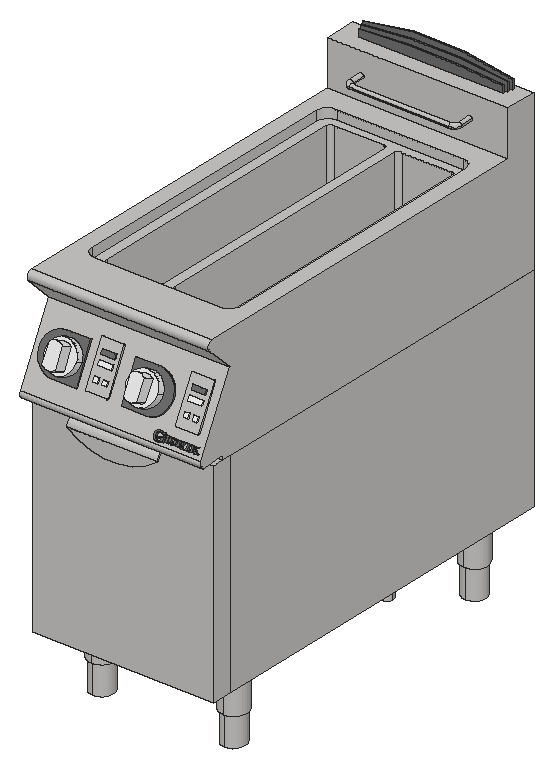
Revit family "QF_GIORIK_FG9207MT", category Specialty Equipment, Revit 2014
Parameters (values of type "FG9207MT")
  Weight in Pounds = 194.0066
  Watts = 200 W
  Volts = 230 V
  URL Cutsheet = "www.giorik.com"
  URL = "www.giorik.com"
  Status [instance] = ""
  Specification by User [instance] = ""
  Specification by Manufacturer = ""
  Show Logo [instance] = yes
  Show Clearance [instance] = yes
  Serial Number = ""
  Seismic Rating = ""
  SMACNA No = ""
  Revision Code [instance] = ""
  Phase = 1
  Number of Poles [instance] = 1
  NAFEM Spec ID Number = ""
  Model = "FG9207MT"
  Min Ckt Ampacity = 0 A
  Mechanical Remarks [instance] = "GPL"
  Mechanical Connection Type [instance] = ""
  Max Overcurrent Protection = 0 A
  Masterspec = ""
  Manufacturer = "GIORIK"
  Item Number [instance] = ""
  Installed By [instance] = ""
  Identify Quantity as Lot [instance] = no
  HP = "0.268204000000"
  Gas Size = 1"
  Gas RI Height [instance] = 0 mm
  Gas KW = 12
  Gas Input = 12000 W
  Gas Connection Height [instance] = 150 mm
  Furnished By [instance] = ""
  Foodservice Equipment Identifier [instance] = yes
  FL Amps = 0 A
  Electrical Remarks [instance] = ""
  Electric Connection Type [instance] = ""
  Elec Conn RI Height [instance] = 0 mm
  Elec Conn Connection Height [instance] = 150 mm
  Description = "8+8 LITRE MELTING GAS FRYER."
  Cycle = 50 Hz
  Conn Plug = ""
  Conn Conduit [instance] = no
  CSI MasterFormat = ""
  Assembly Code = "E1090320"
  Apparent Power = 200 VA
Reference planes
  plane 1 "Back": y = 0
  plane 2: z = 0
  plane 3 "Left": x = 0
  plane 4 "Right": x = 400
  plane 5 "Front": y = -920
  plane 6 "Top": z = 900
Forms (mm)
  Extrusion 1, solid, visible <- "Show Logo"
    sketch origin (196.604, -935.76, 608.978) x (-1, 0, 0) y (0, 0.452718, 0.891654)
      loop
        line (-118.824, 58.358) -> (-127.804, 58.358) -> (-125.523, 56.445) -> (-125.523, 48.027) -> (-127.804, 46.113) -> (-118.824, 46.113) -> (-121.105, 48.027) -> (-121.105, 56.445) -> (-118.824, 58.358)
      loop
        line (-163.721, 58.358) -> (-172.7, 58.358) -> (-170.42, 56.445) -> (-170.42, 48.027) -> (-172.7, 46.113) -> (-163.721, 46.113) -> (-166.001, 48.027) -> (-166.001, 56.445) -> (-163.721, 58.358)
      loop
        line (-174.332, 58.358) -> (-183.312, 58.358) -> (-181.031, 56.445) -> (-181.031, 52.435) -> (-186.419, 56.955) -> (-184.416, 58.358) -> (-191.268, 58.358) -> (-188.01, 56.839) -> (-185.455, 54.283) -> (-190.846, 47.858) -> (-193.396, 46.93) -> (-193.396, 46.113) -> (-184.416, 46.113) -> (-185.437, 47.571) -> (-182.443, 51.552) -> (-181.031, 50.894) -> (-181.031, 48.027) -> (-183.312, 46.113) -> (-174.332, 46.113) -> (-176.613, 48.027) -> (-176.613, 56.445) -> (-174.332, 58.358)
      loop
        line (-115.429, 62.063) -> (-115.429, 54.198)
        arc (-115.429, 54.198) -> (-111.618, 57.803) -> (-106.847, 59.986) r 16.039
        arc (-106.847, 59.986) -> (-103.314, 59.837) -> (-100.512, 57.68) r 5.851
        arc (-100.512, 57.68) -> (-98.815, 52.267) -> (-100.512, 46.853) r 9.479
        arc (-100.512, 46.853) -> (-102.406, 44.986) -> (-104.846, 43.93) r 7.236
        arc (-104.846, 43.93) -> (-107.728, 44.111) -> (-110.052, 45.825) r 5.11
        line (-110.052, 45.825) -> (-110.052, 52.001) -> (-116.141, 52.001) -> (-116.141, 45.503) -> (-117.893, 43.751) -> (-114.094, 44.769)
        arc (-114.094, 44.769) -> (-112.56, 44.947) -> (-111.129, 44.366) r 3.115
        arc (-111.129, 44.366) -> (-104.216, 42.091) -> (-97.303, 44.366) r 11.641
        arc (-97.303, 44.366) -> (-93.396, 52.107) -> (-97.303, 59.849) r 9.622
        arc (-97.303, 59.849) -> (-104.369, 62.174) -> (-111.435, 59.849) r 11.898
        line (-111.435, 59.849) -> (-115.429, 62.063)
      loop
        arc (-129.234, 56.068) -> (-135.893, 58.628) -> (-142.552, 56.068) r 9.941
        arc (-142.552, 56.068) -> (-144.234, 52.286) -> (-142.552, 48.505) r 5.093
        arc (-142.552, 48.505) -> (-135.893, 45.945) -> (-129.234, 48.505) r 9.941
        arc (-129.234, 48.505) -> (-127.552, 52.286) -> (-129.234, 56.068) r 5.093
      loop
        arc (-132.628, 54.403) -> (-135.893, 57.668) -> (-139.158, 54.403) r 3.265
        line (-139.158, 54.403) -> (-139.158, 50.169)
        arc (-139.158, 50.169) -> (-135.893, 46.904) -> (-132.628, 50.169) r 3.265
        line (-132.628, 50.169) -> (-132.628, 54.403)
      loop
        arc (-156.363, 58.365) -> (-159.647, 55.081) -> (-156.363, 51.796) r 3.285
        line (-156.363, 51.796) -> (-159.529, 47.306) -> (-162.087, 46.113) -> (-155.847, 46.113) -> (-153.529, 51.083) -> (-150.637, 51.083) -> (-150.637, 47.784) -> (-153.022, 46.113) -> (-144.011, 46.113) -> (-146.094, 47.68) -> (-146.094, 56.493) -> (-144.229, 58.365) -> (-156.363, 58.365)
      loop
        line (-150.637, 57.512) -> (-153.637, 57.512)
        arc (-153.637, 57.512) -> (-156.237, 54.912) -> (-153.637, 52.312) r 2.6
        line (-153.637, 52.312) -> (-150.637, 52.312) -> (-150.637, 57.512)
      loop
        line (-108.924, 52.001) -> (-104.936, 49.005) -> (-100.948, 52.001) -> (-108.924, 52.001)
    from 1.5 to -0.5
  Extrusion 2, solid
    sketch origin (-16, 1025.81, 0) x (1, 0, 0) y (0, 1, 0)
      loop
        line (25, -1086.81) -> (25, -1156.81) -> (115, -1156.81) -> (115, -1086.81) -> (25, -1086.81)
    from 148 to 150
  Extrusion 3, solid
    sketch origin (-14, 0, 130) x (1, 0, 0) y (0, 1, 0)
      loop
        circle (54, -385) r 12.5
    from 0 to 20
  Extrusion 4, solid
    sketch origin (0, 800, -20) x (0, 1, 0) y (0, 0, 1)
      loop
        line (-800, 989.988) -> (-870, 989.988) -> (-870, 889.988) -> (-1688.669, 889.988)
        arc (-1688.669, 889.988) -> (-1699.014, 883.075) -> (-1696.586, 870.873) r 11.197
        line (-1696.586, 870.873) -> (-1640.738, 815.025) -> (-1718.81, 661.258)
        arc (-1718.81, 661.258) -> (-1718.095, 650.105) -> (-1707.98, 645.354) r 10.981
        line (-1707.98, 645.354) -> (-1659.862, 649.925) -> (-1659.862, 640) -> (-800, 640) -> (-800, 989.988)
    from 0 to 400
  Extrusion 5, solid
    sketch origin (0, -200, 599.536) x (1, 0, 0) y (0, 1, 0)
      loop
        line (0, -640) -> (40, -640) -> (40, 160) -> (360, 160) -> (360, -640) -> (400, -640) -> (400, 200) -> (0, 200) -> (0, -640)
    from -449.536 to 20.464
  Extrusion 6, solid
    sketch origin (0, -200, 0) x (1, 0, 0) y (0, 1, 0)
      loop
        line (40, 160) -> (40, -640) -> (360, -640) -> (360, 160) -> (40, 160)
    from 150 to 190
  Extrusion 7, solid
    sketch origin (-16, 360.81, 0) x (1, 0, 0) y (0, 1, 0)
      loop
        line (25, -1086.81) -> (25, -1156.81) -> (115, -1156.81) -> (115, -1086.81) -> (25, -1086.81)
    from 148 to 150
  Revolve 8, solid
    sketch origin (54, 360.81, 0) x (0, 1, 0) y (0, 0, 1)
      loop
        line (-1092.56, 66) -> (-1092.56, 148) -> (-1121.81, 148) -> (-1121.81, 0) -> (-1096.81, 0) -> (-1096.81, 66) -> (-1092.56, 66)
      axis (-1121.81, 0) -> (-1121.81, 148)
    angle from 0 to 360
  Revolve 9, solid
    sketch origin (54, 1025.81, 0) x (0, 1, 0) y (0, 0, 1)
      loop
        line (-1092.56, 66) -> (-1092.56, 148) -> (-1121.81, 148) -> (-1121.81, 0) -> (-1096.81, 0) -> (-1096.81, 66) -> (-1092.56, 66)
      axis (-1121.81, 0) -> (-1121.81, 148)
    angle from 0 to 360
  Extrusion 10, solid
    sketch origin (416, 360.81, 0) x (-1, 0, 0) y (0, -1, 0)
      loop
        line (25, 1086.81) -> (115, 1086.81) -> (115, 1156.81) -> (25, 1156.81) -> (25, 1086.81)
    from 148 to 150
  Revolve 11, solid
    sketch origin (346, 360.81, 0) x (0, 1, 0) y (0, 0, -1)
      loop
        line (-1092.56, -66) -> (-1096.81, -66) -> (-1096.81, 0) -> (-1121.81, 0) -> (-1121.81, -148) -> (-1092.56, -148) -> (-1092.56, -66)
      axis (-1121.81, 0) -> (-1121.81, -148)
    angle from 0 to 360
  Extrusion 12, solid
    sketch origin (416, -1217.81, 0) x (-1, 0, 0) y (0, -1, 0)
      loop
        line (25, -1086.81) -> (25, -1156.81) -> (115, -1156.81) -> (115, -1086.81) -> (25, -1086.81)
    from 148 to 150
  Revolve 13, solid
    sketch origin (346, -1217.81, 0) x (0, -1, 0) y (0, 0, 1)
      loop
        line (-1092.56, 66) -> (-1092.56, 148) -> (-1121.81, 148) -> (-1121.81, 0) -> (-1096.81, 0) -> (-1096.81, 66) -> (-1092.56, 66)
      axis (-1121.81, 0) -> (-1121.81, 148)
    angle from 0 to 360
  Extrusion 14, solid
    sketch origin (-353.221, -1163.345, 52.363) x (1, 0, 0) y (0, 0.452718, 0.891654)
      loop
        line (463.221, 676.25) -> (463.221, 766.25) -> (409.698, 766.25)
        arc (409.698, 766.25) -> (364.698, 721.25) -> (409.698, 676.25) r 45
        line (409.698, 676.25) -> (463.221, 676.25)
    from 48 to 50
  Extrusion 15, solid
    sketch origin (421.331, -1208.697, 74.959) x (-1, 0, 0) y (0, -0.45351, -0.891251)
      loop
        circle (351.331, -721.346) r 35
    from 0 to 15
  Extrusion 16, solid
    sketch origin (421.331, -1208.697, 74.959) x (-1, 0, 0) y (0, -0.45351, -0.891251)
      loop
        arc (336.331, -743.846) -> (351.331, -748.846) -> (366.331, -743.846) r 25
        line (366.331, -743.846) -> (366.331, -698.846)
        arc (366.331, -698.846) -> (351.331, -693.846) -> (336.331, -698.846) r 25
        line (336.331, -698.846) -> (336.331, -743.846)
    from 15 to 40
  Extrusion 17, solid
    sketch origin (-94, 0, 59.999) x (1, 0, 0) y (0, 0, 1)
      loop
        line (135, 909.989) -> (453, 909.989) -> (453, 925.527) -> (347.056, 931.749) -> (240.944, 931.749) -> (135, 925.527) -> (135, 909.989)
    from 32 to 35
  Extrusion 18, solid
    sketch origin (-92, 10, 59.999) x (1, 0, 0) y (0, 0, 1)
      loop
        line (454, 909.989) -> (454, 928.527) -> (346.162, 939.193) -> (237.838, 939.193) -> (130, 928.527) -> (130, 909.989) -> (454, 909.989)
    from 32 to 35
  Extrusion 19, solid
    sketch origin (-90, 20, 59.999) x (1, 0, 0) y (0, 0, 1)
      loop
        line (455, 909.989) -> (455, 930.527) -> (345.396, 947.413) -> (234.604, 947.413) -> (125, 930.527) -> (125, 909.989) -> (455, 909.989)
    from 32 to 35
  Extrusion 20, void
    sketch origin (0, -200, 819.988) x (0, 1, 0) y (-1, 0, 0)
      loop
        arc (80, -60) -> (72.678, -42.322) -> (55, -35) r 25
        line (55, -35) -> (-565.002, -35)
        arc (-565.002, -35) -> (-582.68, -42.322) -> (-590.002, -60) r 25
        line (-590.002, -60) -> (-590.002, -340)
        arc (-590.002, -340) -> (-582.68, -357.678) -> (-565.002, -365) r 25
        line (-565.002, -365) -> (55, -365)
        arc (55, -365) -> (72.678, -357.678) -> (80, -340) r 25
        line (80, -340) -> (80, -60)
    from -100 to 50
  Extrusion 21, solid
    sketch origin (0, -200, 900) x (0, 1, 0) y (-1, 0, 0)
      loop
        arc (80, -60) -> (72.678, -42.322) -> (55, -35) r 25
        line (55, -35) -> (-565.002, -35)
        arc (-565.002, -35) -> (-582.68, -42.322) -> (-590.002, -60) r 25
        line (-590.002, -60) -> (-590.002, -340)
        arc (-590.002, -340) -> (-582.68, -357.678) -> (-565.002, -365) r 25
        line (-565.002, -365) -> (55, -365)
        arc (55, -365) -> (72.678, -357.678) -> (80, -340) r 25
        line (80, -340) -> (80, -60)
      loop
        arc (60, -70) -> (57.071, -62.929) -> (50, -60) r 10
        line (50, -60) -> (-555.002, -60)
        arc (-555.002, -60) -> (-562.073, -62.929) -> (-565.002, -70) r 10
        line (-565.002, -70) -> (-565.002, -180)
        arc (-565.002, -180) -> (-562.073, -187.071) -> (-555.002, -190) r 10
        line (-555.002, -190) -> (50, -190)
        arc (50, -190) -> (57.071, -187.071) -> (60, -180) r 10
        line (60, -180) -> (60, -70)
      loop
        line (60, -330) -> (60, -220)
        arc (60, -220) -> (57.071, -212.929) -> (50, -210) r 10
        line (50, -210) -> (-555.002, -210)
        arc (-555.002, -210) -> (-562.073, -212.929) -> (-565.002, -220) r 10
        line (-565.002, -220) -> (-565.002, -330)
        arc (-565.002, -330) -> (-562.073, -337.071) -> (-555.002, -340) r 10
        line (-555.002, -340) -> (50, -340)
        arc (50, -340) -> (57.071, -337.071) -> (60, -330) r 10
    from -180.012 to -50
  Extrusion 22, solid
    sketch origin (673.221, -1163.345, 52.363) x (-1, 0, 0) y (0, -0.452718, -0.891654)
      loop
        line (463.221, -676.25) -> (409.698, -676.25)
        arc (409.698, -676.25) -> (364.698, -721.25) -> (409.698, -766.25) r 45
        line (409.698, -766.25) -> (463.221, -766.25) -> (463.221, -676.25)
    from 48 to 50
  Extrusion 23, solid
    sketch origin (-101.331, -1208.697, 74.959) x (1, 0, 0) y (0, 0.45351, 0.891251)
      loop
        circle (351.331, 721.346) r 35
    from 0 to 15
  Extrusion 24, solid
    sketch origin (-101.331, -1208.697, 74.959) x (1, 0, 0) y (0, 0.45351, 0.891251)
      loop
        line (336.331, 743.846) -> (336.331, 698.846)
        arc (336.331, 698.846) -> (351.331, 693.846) -> (366.331, 698.846) r 25
        line (366.331, 698.846) -> (366.331, 743.846)
        arc (366.331, 743.846) -> (351.331, 748.846) -> (336.331, 743.846) r 25
    from 15 to 40
  Extrusion 25, solid
    sketch origin (0, -925, 0) x (1, 0, 0) y (0, 0, 1)
      loop
        line (0, 620) -> (0, 150) -> (400, 150) -> (400, 620) -> (0, 620)
    from -85 to -40
  Extrusion 26, solid
    sketch origin (2.5, -925, -20.1) x (0, 1, 0) y (0, 0, 1)
      loop
        arc (25, 640.1) -> (14.393, 635.707) -> (10, 625.1) r 15
        line (10, 625.1) -> (12, 625.1)
        arc (12, 625.1) -> (15.808, 634.292) -> (25, 638.1) r 13
        line (25, 638.1) -> (40, 638.1) -> (40, 640.1) -> (25, 640.1)
    from 97.5 to 297.5
  Extrusion 27, solid
    sketch origin (2.5, -924.905, -20.1) x (1, 0, 0) y (0, 0, 1)
      loop
        arc (97.5, 625.1) -> (197.5, 590.089) -> (297.5, 625.1) r 160.316
        line (297.5, 625.1) -> (97.5, 625.1)
    from -11.905 to -9.905
  Extrusion 28, solid, visible <- "Show Clearance", detail levels coarse
    sketch origin (395, -925, 0) x (-1, 0, 0) y (0, -1, 0)
      loop
        line (-5, -40) -> (395, -40)
        arc (395, -40) -> (277.534, 241.069) -> (-5, 354.968) r 395
        line (-5, 354.968) -> (-5, -40)
    from 150 to 620
  Extrusion 29, solid
    sketch origin (0, 0, 100) x (0, 1, 0) y (-1, 0, 0)
      loop
        circle (-380, -380) r 12.5
    from 30 to 50
  Extrusion 30, solid
    sketch origin (-195.308, -1233.637, 22.13) x (1, 0, 0) y (0, 0.453086, 0.891467)
      loop
        arc (527.687, 837.056) -> (525.919, 836.323) -> (525.187, 834.556) r 2.5
        line (525.187, 834.556) -> (525.187, 739.556)
        arc (525.187, 739.556) -> (525.919, 737.788) -> (527.687, 737.056) r 2.5
        line (527.687, 737.056) -> (572.687, 737.056)
        arc (572.687, 737.056) -> (574.454, 737.788) -> (575.187, 739.556) r 2.5
        line (575.187, 739.556) -> (575.187, 834.556)
        arc (575.187, 834.556) -> (574.454, 836.323) -> (572.687, 837.056) r 2.5
        line (572.687, 837.056) -> (527.687, 837.056)
    from 0 to 2
  Extrusion 31, solid
    sketch origin (-193.351, -1227.435, 34.333) x (1, 0, 0) y (0, 0.453086, 0.891467)
      loop
        line (533.229, 803.367) -> (533.229, 793.367) -> (563.229, 793.367) -> (563.229, 803.367) -> (533.229, 803.367)
    from 0 to 3
  Extrusion 32, solid
    sketch origin (-193.351, -1229.701, 29.876) x (1, 0, 0) y (0, 0.453086, 0.891467)
      loop
        line (533.229, 758.367) -> (533.229, 748.367) -> (543.229, 748.367) -> (543.229, 758.367) -> (533.229, 758.367)
    from 0 to 3
  Extrusion 33, solid
    sketch origin (-193.351, -1236.497, 16.504) x (1, 0, 0) y (0, 0.453086, 0.891467)
      loop
        line (533.229, 803.367) -> (533.229, 793.367) -> (563.229, 793.367) -> (563.229, 803.367) -> (533.229, 803.367)
    from 0 to 3
  Extrusion 34, solid
    sketch origin (-173.351, -1229.701, 29.876) x (1, 0, 0) y (0, 0.453086, 0.891467)
      loop
        line (533.229, 758.367) -> (533.229, 748.367) -> (543.229, 748.367) -> (543.229, 758.367) -> (533.229, 758.367)
    from 0 to 3
  Extrusion 35, solid
    sketch origin (-395.308, -1233.637, 22.13) x (1, 0, 0) y (0, 0.453086, 0.891467)
      loop
        arc (527.687, 837.056) -> (525.919, 836.323) -> (525.187, 834.556) r 2.5
        line (525.187, 834.556) -> (525.187, 739.556)
        arc (525.187, 739.556) -> (525.919, 737.788) -> (527.687, 737.056) r 2.5
        line (527.687, 737.056) -> (572.687, 737.056)
        arc (572.687, 737.056) -> (574.454, 737.788) -> (575.187, 739.556) r 2.5
        line (575.187, 739.556) -> (575.187, 834.556)
        arc (575.187, 834.556) -> (574.454, 836.323) -> (572.687, 837.056) r 2.5
        line (572.687, 837.056) -> (527.687, 837.056)
    from 0 to 2
  Extrusion 36, solid
    sketch origin (-393.351, -1227.435, 34.333) x (1, 0, 0) y (0, 0.453086, 0.891467)
      loop
        line (533.229, 803.367) -> (533.229, 793.367) -> (563.229, 793.367) -> (563.229, 803.367) -> (533.229, 803.367)
    from 0 to 3
  Extrusion 37, solid
    sketch origin (-393.351, -1229.701, 29.876) x (1, 0, 0) y (0, 0.453086, 0.891467)
      loop
        line (533.229, 758.367) -> (533.229, 748.367) -> (543.229, 748.367) -> (543.229, 758.367) -> (533.229, 758.367)
    from 0 to 3
  Extrusion 38, solid
    sketch origin (-393.351, -1236.497, 16.504) x (1, 0, 0) y (0, 0.453086, 0.891467)
      loop
        line (533.229, 803.367) -> (533.229, 793.367) -> (563.229, 793.367) -> (563.229, 803.367) -> (533.229, 803.367)
    from 0 to 3
  Extrusion 39, solid
    sketch origin (-373.351, -1229.701, 29.876) x (1, 0, 0) y (0, 0.453086, 0.891467)
      loop
        line (533.229, 758.367) -> (533.229, 748.367) -> (543.229, 748.367) -> (543.229, 758.367) -> (533.229, 758.367)
    from 0 to 3
  Sweep 40, solid
    path origin (-5, 0, 919.988) x (0, 1, 0) y (-1, 0, 0)
      loop
        line (-70, -80) -> (-100, -80)
        arc (-100, -80) -> (-107.071, -82.929) -> (-110, -90) r 10
        line (-110, -90) -> (-110, -310)
        arc (-110, -310) -> (-107.071, -317.071) -> (-100, -320) r 10
        line (-100, -320) -> (-70, -320)
    profile origin (75, -85, 919.988) x (1, 0, 0) y (0, 0, 1)
      loop
        circle (0, 0) r 5
Cuts and joins
  Extrusion 20 cuts Extrusion 4
Lines and regions (mm)
  symbolic lines, style "200-EquipBorder-2D"
    curve 1: line (0, -920, 0) -> (400, -920, 0)
    curve 2: line (400, -920, 0) -> (400, 0, 0)
    curve 3: line (400, 0, 0) -> (0, 0, 0)
    curve 4: line (0, 0, 0) -> (0, -920, 0)
    curve 54: line (55, -927.413, 900) -> (55, -920, 900)
    curve 55: line (85, -927.413, 900) -> (85, -920, 900)
    curve 56: line (235, -927.413, 900) -> (235, -920, 900)
    curve 57: line (265, -927.413, 900) -> (265, -920, 900)
    curve 58: arc (265, -927.413, 900) -> (250, -929.828, 900) -> (235, -927.413, 900) r 47.804
    curve 59: arc (85, -927.413, 900) -> (70, -929.688, 900) -> (55, -927.413, 900) r 50.588
  symbolic lines, style "200-EquipInternal-2D"
    curve 5: line (0, -70, 900) -> (400, -70, 900)
    curve 6: line (35, -12, 900) -> (365, -12, 900)
    curve 7: line (365, -12, 900) -> (365, -15, 900)
    curve 8: line (365, -15, 900) -> (35, -15, 900)
    curve 9: line (35, -15, 900) -> (35, -12, 900)
    curve 10: line (38, -22, 900) -> (362, -22, 900)
    curve 11: line (362, -22, 900) -> (362, -25, 900)
    curve 12: line (362, -25, 900) -> (38, -25, 900)
    curve 13: line (38, -25, 900) -> (38, -22, 900)
    curve 14: line (41, -32, 900) -> (359, -32, 900)
    curve 15: line (359, -32, 900) -> (359, -35, 900)
    curve 16: line (359, -35, 900) -> (41, -35, 900)
    curve 17: line (41, -35, 900) -> (41, -32, 900)
    curve 18: line (340, -120, 900) -> (60, -120, 900)
    curve 19: arc (60, -120, 900) -> (42.322, -127.322, 900) -> (35, -145, 900) r 25
    curve 20: line (35, -145, 900) -> (35, -765, 900)
    curve 21: arc (365, -145, 900) -> (357.678, -127.322, 900) -> (340, -120, 900) r 25
    curve 22: arc (340, -790, 900) -> (356.212, -784.031, 900) -> (364.682, -768.975, 900) r 25
    curve 23: line (60, -790, 900) -> (340, -790, 900)
    curve 24: arc (35, -765, 900) -> (42.322, -782.678, 900) -> (60, -790, 900) r 25
    curve 25: line (365, -765.002, 900) -> (365, -145, 900)
    curve 28: line (70, -140, 900) -> (180, -140, 900)
    curve 29: line (210, -755.002, 900) -> (210, -150, 900)
    curve 30: line (190, -150, 900) -> (190, -755.002, 900)
    curve 31: line (60, -755.002, 900) -> (60, -150, 900)
    curve 32: line (220, -140, 900) -> (330, -140, 900)
    curve 33: line (340, -150, 900) -> (340, -755.002, 900)
    curve 34: line (330, -765.002, 900) -> (220, -765.002, 900)
    curve 35: line (180, -765.002, 900) -> (70, -765.002, 900)
    curve 36: arc (70, -140, 900) -> (62.929, -142.929, 900) -> (60, -150, 900) r 10
    curve 37: arc (180, -140, 900) -> (187.071, -142.929, 900) -> (190, -150, 900) r 10
    curve 38: arc (210, -150, 900) -> (212.929, -142.929, 900) -> (220, -140, 900) r 10
    curve 39: arc (330, -140, 900) -> (337.071, -142.929, 900) -> (340, -150, 900) r 10
    curve 40: arc (60, -755.002, 900) -> (62.929, -762.073, 900) -> (70, -765.002, 900) r 10
    curve 41: arc (180, -765.002, 900) -> (187.071, -762.073, 900) -> (190, -755.002, 900) r 10
    curve 42: arc (340, -755.002, 900) -> (337.071, -762.073, 900) -> (330, -765.002, 900) r 10
    curve 43: arc (220, -765.002, 900) -> (212.929, -762.073, 900) -> (210, -755.002, 900) r 10
    curve 44: line (75, -70, 900) -> (75, -99.667, 900)
    curve 45: line (85, -100, 900) -> (85, -70, 900)
    curve 46: line (89.989, -104.989, 900) -> (310.27, -104.989, 900)
    curve 47: line (315.032, -100.227, 900) -> (315.032, -70, 900)
    curve 48: line (325.032, -70, 900) -> (325.032, -100.301, 900)
    curve 49: line (310.333, -115, 900) -> (90.333, -115, 900)
    curve 50: arc (90.333, -115, 900) -> (79.491, -110.509, 900) -> (75, -99.667, 900) r 15.333
    curve 51: arc (85, -100, 900) -> (86.461, -103.528, 900) -> (89.989, -104.989, 900) r 4.989
    curve 52: arc (310.333, -115, 900) -> (320.727, -110.695, 900) -> (325.032, -100.301, 900) r 14.699
    curve 53: arc (315.032, -100.227, 900) -> (313.637, -103.594, 900) -> (310.27, -104.989, 900) r 4.762
  symbolic lines, style "QF_Door-Drawer Clearances", visible <- "Show Clearance", detail levels coarse
    curve 26: arc (400, -1279.968, 0) -> (130.204, -1178.101, 0) -> (1.554, -920, 0) r 395
    curve 27: line (400, -920, 0) -> (400, -1279.968, 0)
Dimensions and locks
  plane 3 "Left" to plane 4 "Right" = 400 mm
  plane 5 "Front" to plane 1 "Back" = 920 mm
  plane 4 "Right" to plane 3 "Left" = 400 mm
  plane 1 "Back" to plane 5 "Front" = 920 mm
  plane 6 "Top" to level = 900 mm  (x2)
  aligned and locked: level to plane 2
Connectors
  electrical at (380, -380, 130), driven by "Apparent Power", driven by "Volts", driven by "Number of Poles"
    settings: on Extrusion 29, index 1, voltage 230 V, apparent load 0 VA, apparent load phase1 200 VA, apparent load phase2 0 VA, apparent load phase3 0 VA, power factor 1, load classification "Other", number of poles 1, system type 31, power factor state 1, is connector primary yes, connector utility no, sub classification motor no, connector description "Electrical connection"
  piping at (40, -385, 130), diameter 25.4, driven by "Gas Size"
    settings: on Extrusion 3, index 2, connector inside diameter 24", connector length 0 mm, flow factor 0, pipe flow 0.0 L/s, pressure drop 0.0 Pa, fitting loss kfactor 0, connector angle 0.00°, fixture units 0, engagement length 0 mm, angle of deflection 0.00°, flow configuration 1, flow direction 1, fitting loss method 0, system type 22, joint type 0, gender type 0, connector reference index -1, connector utility 0, adjustable connector no, is connector primary yes, connector description "Gas inlet"
